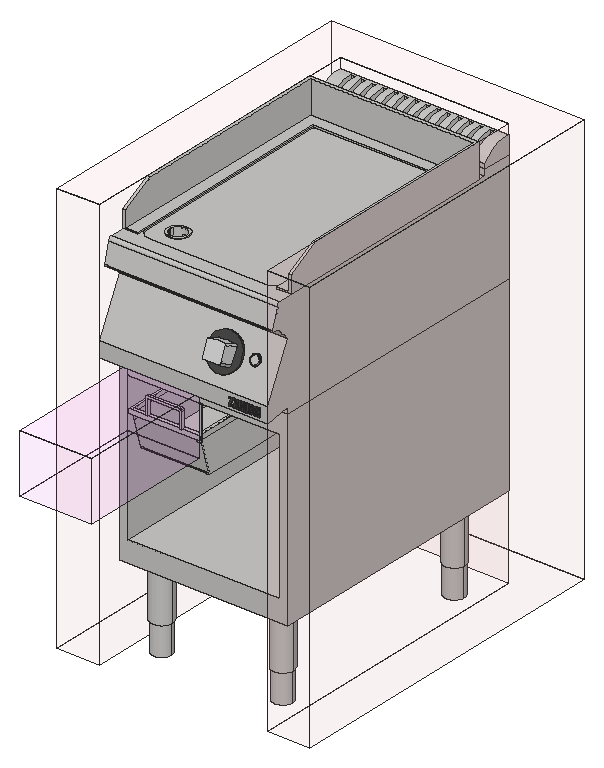
Revit family "QF_ZANUSSI_372339_Z7FTGDSRO0", category Attrezzature speciali, Revit 2020
Family settings
  Quota connettore circolare = Usa diametro
  Tipo di parte = Normale
  Basato su piano di lavoro = No
  Sempre verticale = Sì
  Taglio con vuoti quando caricato = No
  Condiviso = No
  Punto di calcolo locali = No
Parameters (values of type "Standard")
  Weight = 50.00 kg
  Watts = 0 W
  Volts = 0 V
  URL Manufacturer = "http://www.zanussiprofessional.com"
  URL = "http://www.zanussiprofessional.com"
  Steam Supply Size = 0 mm
  Steam Supply Minimum Pressure = 0.0 Pa
  Steam Supply Maximum Pressure = 0.0 Pa
  Steam Consumption per Hour = 0
  Show Logo [instance] = yes
  Show Clearance [instance] = yes
  Refrigeration Suction Line Size = 0 mm
  Refrigeration Liquid Line Size = 0 mm
  Refrigerant Compressor Remote = yes
  Prospetto di default = 0 mm
  Produttore = "Zanussi"
  Phase = 0
  Modello = "Z7FTGDSRO0"
  Length Actual = 400 mm  # constant formula
  Item Number = "372339"
  Hot Water Size = 0 mm
  Height Actual = 850 mm  # constant formula
  HP = "0 HP"
  Gas Size = 12.7 mm
  Gas KW = 7
  Gas Input Pressure = 0.0687482 W
  Direct Waste Size = 0 mm
  Descrizione = "GAS FRY TOP-RIBBED PLATE+OPEN BASE 400MM-BRUSHED CHROME"
  Depth Actual = 700 mm  # constant formula
  Cycle = 0 Hz
  Condensate Return Size = 0 mm
  Compressed Air Volume = 0.0 L/s
  Compressed Air Size = 0 mm
  Compressed Air Pressure = 0.0 Pa
  Cold Water Size = 0 mm
  Accessory = yes
Reference planes
  plane 1 "Back": y = 0
  plane 2: z = 0
  plane 3 "Left": x = 0
  plane 4: z = 849
  plane 5: x = 500
  plane 6: x = -100
  plane 7: y = 100
  plane 8: x = 400
  plane 9: y = -715
  plane 10: y = -91
  plane 11: y = -600
  plane 12: x = 200
Forms (mm)
  Extrusion 1, solid, material "QF_Finishes_Clearance", visible <- "Show Clearance"
    sketch origin (0, 0, 575) x (1, 0, 0) y (0, 1, 0)
      loop
        line (0, -715) -> (0, 0) -> (400, 0) -> (400, -715) -> (500, -715) -> (500, 100) -> (-100, 100) -> (-100, -715) -> (0, -715)
    from -575 to 405
  Extrusion 2, void
    sketch origin (0, -2.381, 900) x (-1, 0, 0) y (0, -1, 0)
      loop
        arc (-60.425, 102.504) -> (-42.464, 109.943) -> (-35.025, 127.904) r 25.4
        line (-35.025, 127.904) -> (-35.025, 617.104)
        arc (-35.025, 617.104) -> (-42.464, 635.064) -> (-60.425, 642.504) r 25.4
        line (-60.425, 642.504) -> (-339.575, 642.504)
        arc (-339.575, 642.504) -> (-357.536, 635.064) -> (-364.975, 617.104) r 25.4
        line (-364.975, 617.104) -> (-364.975, 127.904)
        arc (-364.975, 127.904) -> (-357.536, 109.943) -> (-339.575, 102.504) r 25.4
        line (-339.575, 102.504) -> (-60.425, 102.504)
    from 0 to -3.2
  Sweep 3, solid, material "QF_Finishes_Stainless Steel"
    path origin (0, -2.381, 900) x (-1, 0, 0) y (0, -1, 0)
      loop
        line (-364.975, 642.504) -> (-364.975, 122.619) -> (-35.025, 122.619) -> (-35.025, 642.504)
    profile origin (35.025, -384.942, 900) x (1, 0, 0) y (0, 0, 1)
      loop
        line (-35.025, 0) -> (0, 0) -> (0, 3.175) -> (-28.675, 3.175) -> (-28.675, 80) -> (-35.025, 80) -> (-35.025, 0)
  Extrusion 4, void
    sketch origin (0, -89.975, 900) x (0, 1, 0) y (0, 0, 1)
      loop
        line (-554.91, 40.481) -> (-481.88, 80) -> (-554.91, 80) -> (-554.91, 40.481)
    from 0 to 6.35
  Extrusion 5, void
    sketch origin (400, -644.885, 900) x (0, -1, 0) y (0, 0, 1)
      loop
        line (0, 40.481) -> (0, 80) -> (-73.03, 80) -> (0, 40.481)
    from 0 to 6.35
  Extrusion 6, solid, material "QF_Finishes_Stainless Steel"
    sketch origin (0, 20, 50) x (1, 0, 0) y (0, 1, 0)
      loop
        circle (85.307, -607.968) r 25
      loop
        circle (85.307, -607.968) r 20
    from 831.583 to 846.8
  Extrusion 7, solid, material "QF_Finishes_Stainless Steel"
    sketch origin (0, 0, 626) x (0, 1, 0) y (0, 0, 1)
      loop
        line (0, 24) -> (0, 288) -> (-70, 288) -> (-70, 273) -> (-679.358, 273)
        arc (-679.358, 273) -> (-684.643, 270.811) -> (-686.833, 265.526) r 7.474
        line (-686.833, 265.526) -> (-699.884, 220.011)
        arc (-699.884, 220.011) -> (-699.396, 217.379) -> (-697, 216.184) r 3
        line (-697, 216.184) -> (-686.802, 216.184) -> (-654.982, 184.364) -> (-715, 64.508) -> (-715, 29.508) -> (-658.645, 37.428)
        arc (-658.645, 37.428) -> (-656.101, 36.674) -> (-655, 34.259) r 3.2
        line (-655, 34.259) -> (-655, 24) -> (0, 24)
    from 0 to 400
  Extrusion 8, void
    sketch origin (0, 20, 50) x (1, 0, 0) y (0, 1, 0)
      loop
        circle (85.307, -607.971) r 20
    from 520.027 to 855.813
  Extrusion 9, solid, material "QF_Finishes_Stainless Steel"
    sketch origin (0, 0, 50) x (1, 0, 0) y (0, 1, 0)
      loop
        line (0, 0) -> (0, -655) -> (400, -655) -> (400, 0) -> (0, 0)
    from 149 to 600
  Extrusion 10, void
    sketch origin (418.77, -655, 50) x (1, 0, 0) y (0, 0, -1)
      loop
        line (-398.77, -199) -> (-398.77, -550) -> (-38.77, -550) -> (-38.77, -199) -> (-398.77, -199)
    from 0 to 507.363
  Extrusion 11, solid, material "QF_Finishes_Stainless Steel"
    sketch origin (0, 322, 50) x (1, 0, 0) y (0, 0, 1)
      loop
        line (184.499, 468.626) -> (184.499, 467)
        arc (184.499, 467) -> (185.085, 465.586) -> (186.499, 465) r 2
        line (186.499, 465) -> (192, 465)
        arc (192, 465) -> (194.121, 465.879) -> (195, 468) r 3
        line (195, 468) -> (195, 550) -> (190, 550) -> (190, 468.626) -> (184.499, 468.626)
    from 655 to 977.426
  Extrusion 12, solid, material "QF_Finishes_Door Clearance", visible <- "Show Clearance"
    sketch origin (0, 0, 100) x (1, 0, 0) y (0, 0, 1)
      loop
        line (190, 380) -> (190, 521.126) -> (19.675, 521.126) -> (19.675, 380) -> (190, 380)
    from 655 to 975.19
  Extrusion 13, solid, material "QF_Finishes_Stainless Steel"
    sketch origin (-400, 0, 189) x (1, 0, 0) y (0, 1, 0)
      loop
        circle (748, -506) r 10
    from 0 to 10
Cuts and joins
  Extrusion 2, Extrusion 4, Extrusion 5 cuts Sweep 3
  Extrusion 2 cuts Extrusion 6
  Extrusion 4 cuts Extrusion 1
  Extrusion 2, Extrusion 8 cuts Extrusion 7
  Extrusion 10 cuts Extrusion 9
  Extrusion 10 cuts Extrusion 11
Dimensions and locks
  plane 4 to level = 849 mm
  plane 3 "Left" to plane 8 = 400 mm
  plane 1 "Back" to plane 9 = 715 mm
  plane 6 to plane 3 "Left" = 100 mm
  plane 8 to plane 5 = 100 mm
  plane 1 "Back" to plane 7 = 100 mm
  plane 1 "Back" to plane 10 to plane 11 = 91 mm, 509 mm
  equal spacing: plane 3 "Left", plane 12, plane 8
  aligned and locked: level to plane 2
Automatic sketch dimensions
  Extrusion 1 sketch curve to plane 6 = 0 mm
  plane 1 "Back" to Extrusion 1 sketch curve = 0 mm
  Extrusion 1 sketch curve to plane 3 "Left" = 0 mm
  Extrusion 1 sketch curve to plane 8 = 0 mm
  Extrusion 1 sketch curve to plane 5 = 0 mm
  Extrusion 1 sketch curve to plane 9 = 0 mm  (x2)
  Extrusion 1 sketch curve to plane 7 = 0 mm
  plane 8 to Extrusion 2 sketch curve = 35.025 mm
  Extrusion 2 sketch curve to Extrusion 2 sketch curve = 25.4 mm  (x3)
  Extrusion 2 sketch curve to plane 10 = 13.885 mm
  plane 3 "Left" to Extrusion 2 sketch curve = 60.425 mm  (x2)
  Extrusion 2 sketch curve to plane 11 = 19.485 mm
  plane 8 to Sweep 3 sketch curve = 35.025 mm
  plane 3 "Left" to Sweep 3 sketch curve = 35.025 mm
  Sweep 3 sketch curve to plane 10 = 34 mm
  Sweep 3 sketch curve to plane 11 = 44.885 mm  (x2)
  Sweep 3 sketch curve to profile plane = 0 mm
  profile plane to Sweep 3 sketch curve = 0 mm
  profile plane to Sweep 3 sketch curve = 28.675 mm
  Sweep 3 sketch curve to Sweep 3 sketch curve = 6.35 mm
  profile plane to Sweep 3 sketch curve = 3.175 mm
  Sweep 3 sketch curve to Sweep 3 sketch curve = 76.825 mm
  Extrusion 4 sketch curve to Sweep 3 = 0 mm  (x2)
  Extrusion 4 sketch curve to Extrusion 4 sketch curve = 73.03 mm
  Extrusion 4 sketch curve to Extrusion 4 sketch curve = 39.519 mm
  Sweep 3 to Extrusion 5 sketch curve = 0 mm
  Extrusion 5 sketch curve to Sweep 3 = 0 mm
  Extrusion 5 sketch curve to Extrusion 5 sketch curve = 73.03 mm
  Extrusion 5 sketch curve to Extrusion 5 sketch curve = 39.519 mm
  Extrusion 6 sketch curve to Extrusion 6 sketch curve = 0 mm  (x2)
  plane 11 to Extrusion 6 sketch curve = 12.032 mm
  plane 3 "Left" to Extrusion 6 sketch curve = 85.307 mm
  Extrusion 7 sketch curve to plane 9 = 0 mm
  Extrusion 7 sketch curve to plane 1 "Back" = 0 mm
  plane 4 to Extrusion 7 sketch curve = 2.989 mm
  plane 9 to Extrusion 7 sketch curve = 15.116 mm
  Extrusion 7 sketch curve to Extrusion 7 sketch curve = 2.884 mm
  plane 9 to Extrusion 7 sketch curve = 28.167 mm
  plane 4 to Extrusion 7 sketch curve = 6.816 mm
  Extrusion 7 sketch curve to Extrusion 7 sketch curve = 10.198 mm
  Extrusion 7 sketch curve to Extrusion 7 sketch curve = 7.474 mm
  plane 9 to Extrusion 7 sketch curve = 56.355 mm
  Extrusion 7 sketch curve to Extrusion 7 sketch curve = 0.445 mm
  Extrusion 7 sketch curve to Extrusion 7 sketch curve = 3.2 mm
  Extrusion 7 sketch curve to Extrusion 7 sketch curve = 31.82 mm
  plane 10 to Extrusion 7 sketch curve = 21 mm
  plane 4 to Extrusion 7 sketch curve = 38.636 mm
  Extrusion 7 sketch curve to Extrusion 7 sketch curve = 119.856 mm
  Extrusion 7 sketch curve to Extrusion 7 sketch curve = 27.08 mm
  Extrusion 7 sketch curve to Extrusion 7 sketch curve = 35 mm
  Extrusion 7 sketch curve to Extrusion 7 sketch curve = 10.259 mm
  Extrusion 7 sketch curve to plane 4 = 42.526 mm
  Extrusion 7 sketch curve to plane 4 = 65 mm
  plane 11 to Extrusion 8 sketch curve = 12.029 mm
  plane 3 "Left" to Extrusion 8 sketch curve = 85.307 mm
  Extrusion 9 sketch curve to plane 3 "Left" = 0 mm
  Extrusion 9 sketch curve to plane 8 = 0 mm
  plane 1 "Back" to Extrusion 9 sketch curve = 0 mm
  Extrusion 9 sketch curve to plane 11 = 55 mm
  Extrusion 10 sketch curve to Extrusion 9 = 20 mm
  Extrusion 9 to Extrusion 10 sketch curve = 20 mm
  Extrusion 10 sketch curve to Extrusion 9 = 50 mm  (x2)
  Extrusion 11 sketch curve to plane 12 = 15.501 mm
  Extrusion 11 sketch curve to Extrusion 11 sketch curve = 2 mm  (x2)
  Extrusion 11 sketch curve to Extrusion 11 sketch curve = 3.501 mm
  Extrusion 11 sketch curve to plane 12 = 5 mm
  plane 4 to Extrusion 11 sketch curve = 334 mm
  Extrusion 11 sketch curve to Extrusion 11 sketch curve = 1.626 mm
  Extrusion 11 sketch curve to Extrusion 11 sketch curve = 81.374 mm
  plane 3 "Left" to Extrusion 12 sketch curve = 19.675 mm
  Extrusion 12 sketch curve to plane 12 = 10 mm
  plane 4 to Extrusion 12 sketch curve = 369 mm
  Extrusion 12 sketch curve to Extrusion 12 sketch curve = 141.126 mm
  plane 8 to Extrusion 13 sketch curve = 52 mm
  plane 11 to Extrusion 13 sketch curve = 94 mm
  radius of Extrusion 6 sketch curve = 25 mm
  radius of Extrusion 6 sketch curve = 20 mm
  radius of Extrusion 8 sketch curve = 20 mm
  radius of Extrusion 13 sketch curve = 10 mm
Nested families
  nested 1: "Uscita_Fumi" at (200, -34.925, 914), type "Uscita_Fumi"
  nested 2: "CONTROLLER_XP-ZAN" at (325.75, -684.624, 751.168) x (1, 0, 0) z (0, -0.8942, 0.4478), type "CONTROLLER_XP-ZAN"
  nested 3: "Bottone" at (345, -681.68, 757.047) x (1, 0, 0) z (0, -0.8942, 0.4478), type "Bottone"
  nested 4: "ZANUSSI_Logo" at (349.92, -715, 721.184) x (1, 0, 0) z (0, -1, 0), Show Logo <- "Show Logo", visible <- "Show Logo", type "ZANUSSI_Logo"
    with Show Logo yes
  nested 5: "CESTELLO_SCOLO" at (19.675, -494, 430), type "CESTELLO_SCOLO"
  nested 6: "Piedino 50xH200_par" at (56, -600, 0), type "Piedino 50xH200_par"
    with H 200 mm
  nested 7: "Piedino 50xH200_par" at (56, -90.938, 0), type "Piedino 50xH200_par"
    with H 200 mm
  nested 8: "Piedino 50xH200_par" at (343.824, -91.108, 0), type "Piedino 50xH200_par"
    with H 200 mm
  nested 9: "Piedino 50xH200_par" at (343.824, -600.001, 0), type "Piedino 50xH200_par"
    with H 200 mm
Connectors
  piping at (348, -506, 189), diameter 12.7, driven by "Gas Size"
    settings: on Extrusion 13, index 7, connector inside diameter 609.6 mm, connector length 0 mm, flow factor 0, pipe flow 0.0 L/s, pressure drop 0.0 Pa, fitting loss kfactor 0, connector angle 0.00°, fixture units 0, engagement length 0 mm, angle of deflection 0.00°, flow configuration 0, flow direction 0, fitting loss method 0, system type 29, joint type 0, gender type 0, connector reference index -1, connector utility 0, adjustable connector no, is connector primary yes, connector description "Gas Connection"
Definition of nested family "Uscita_Fumi"
  Parameters (values of type "Uscita_Fumi")
    Default Elevation = 1219.2 mm
  Reference planes
    plane 1 "Centro (Fronte/Retro)": y = 0
    plane 2: z = 0
    plane 3 "Centro (Sinistra/Destra)": x = 0
  Forms (mm)
    Extrusion 1, solid
      sketch origin (0, 0, 0) x (1, 0, 0) y (0, 1, 0)
        loop
          line (-1219.2, 1219.2) -> (-1219.2, -1219.2) -> (1219.2, -1219.2) -> (1219.2, 1219.2) -> (-1219.2, 1219.2)
      from 0 to -304.8
    Extrusion 2, solid
      sketch origin (-200, 34.925, -289.638) x (0, 1, 0) y (0, 0, 1)
        loop
          line (0, 289.638) -> (0, 331.738)
          arc (0, 331.738) -> (-38.857, 324.552) -> (-69.85, 300.038) r 82.056
          line (-69.85, 300.038) -> (-69.85, 289.638) -> (0, 289.638)
      from 0 to 400
    Extrusion 3, void
      sketch origin (-200, 34.925, -15) x (0, -1, 0) y (1, 0, 0)
        loop
          line (6.761, 29.703) -> (63.911, 29.703) -> (63.911, 38.999) -> (6.761, 38.999) -> (6.761, 29.703)
        loop
          line (63.911, 64.487) -> (6.761, 64.487) -> (6.761, 55.191) -> (63.911, 55.191) -> (63.911, 64.487)
        loop
          line (63.911, 89.975) -> (6.761, 89.975) -> (6.761, 80.68) -> (63.911, 80.68) -> (63.911, 89.975)
        loop
          line (63.911, 115.464) -> (6.761, 115.464) -> (6.761, 106.168) -> (63.911, 106.168) -> (63.911, 115.464)
        loop
          line (63.911, 140.952) -> (6.761, 140.952) -> (6.761, 131.656) -> (63.911, 131.656) -> (63.911, 140.952)
        loop
          line (63.911, 166.44) -> (6.761, 166.44) -> (6.761, 157.145) -> (63.911, 157.145) -> (63.911, 166.44)
        loop
          line (63.911, 191.929) -> (6.761, 191.929) -> (6.761, 182.633) -> (63.911, 182.633) -> (63.911, 191.929)
        loop
          line (63.911, 217.417) -> (6.761, 217.417) -> (6.761, 208.121) -> (63.911, 208.121) -> (63.911, 217.417)
        loop
          line (63.911, 242.905) -> (6.761, 242.905) -> (6.761, 233.61) -> (63.911, 233.61) -> (63.911, 242.905)
        loop
          line (63.911, 268.394) -> (6.761, 268.394) -> (6.761, 259.098) -> (63.911, 259.098) -> (63.911, 268.394)
        loop
          line (63.911, 293.882) -> (6.761, 293.882) -> (6.761, 284.586) -> (63.911, 284.586) -> (63.911, 293.882)
        loop
          line (63.911, 319.37) -> (6.761, 319.37) -> (6.761, 310.075) -> (63.911, 310.075) -> (63.911, 319.37)
        loop
          line (63.911, 344.859) -> (6.761, 344.859) -> (6.761, 335.563) -> (63.911, 335.563) -> (63.911, 344.859)
        loop
          line (63.911, 370.347) -> (6.761, 370.347) -> (6.761, 361.051) -> (63.911, 361.051) -> (63.911, 370.347)
      from 25.4 to 63.5
  Cuts and joins
    Extrusion 3 cuts Extrusion 2
  Dimensions and locks
    aligned and locked: plane 2 to Extrusion 1
    aligned and locked: level to Extrusion 1
Definition of nested family "CONTROLLER_XP-ZAN"
  Parameters (values of type "CONTROLLER_XP-ZAN")
    Default Elevation = 0 mm
  Reference planes
    plane 1 "Centro (Fronte/Retro)": y = 0
    plane 2: z = 0
    plane 3 "Centro (Sinistra/Destra)": x = 0
    plane 4: x = -51.067
    plane 5: x = 51.067
    plane 6: x = 93.481
    plane 7: x = -93.481
  Forms (mm)
    Extrusion 1, solid
      sketch origin (0, 0, 0) x (1, 0, 0) y (0, 1, 0)
        loop
          line (-1219.2, 1219.2) -> (-1219.2, -1219.2) -> (1219.2, -1219.2) -> (1219.2, 1219.2) -> (-1219.2, 1219.2)
      from 0 to -304.8
    Extrusion 2, solid
      sketch origin (-46.381, -48.923, 0) x (1, 0, 0) y (0, 1, 0)
        loop
          circle (-4.687, 48.923) r 42.414
      from 0 to 3.175
    Blend 3, solid
      base sketch origin (-46.381, -48.923, 3.175) x (1, 0, 0) y (0, 1, 0)
        loop
          line (-23.687, 25.923) -> (14.313, 25.923)
          arc (14.313, 25.923) -> (17.142, 27.095) -> (18.313, 29.923) r 4
          line (18.313, 29.923) -> (18.313, 66.519)
          arc (18.313, 66.519) -> (17.342, 69.132) -> (14.901, 70.476) r 4
          arc (14.901, 70.476) -> (-4.687, 71.923) -> (-24.275, 70.476) r 133.25
          arc (-24.275, 70.476) -> (-26.716, 69.132) -> (-27.687, 66.519) r 4
          line (-27.687, 66.519) -> (-27.687, 29.923)
          arc (-27.687, 29.923) -> (-26.515, 27.095) -> (-23.687, 25.923) r 4
      top sketch origin (-46.381, -48.923, 3.175) x (1, 0, 0) y (0, 1, 0)
        loop
          line (-25.687, 66.519) -> (-25.687, 29.923)
          arc (-25.687, 29.923) -> (-25.101, 28.509) -> (-23.687, 27.923) r 2
          line (-23.687, 27.923) -> (14.313, 27.923)
          arc (14.313, 27.923) -> (15.727, 28.509) -> (16.313, 29.923) r 2
          line (16.313, 29.923) -> (16.313, 66.519)
          arc (16.313, 66.519) -> (15.828, 67.825) -> (14.607, 68.498) r 2
          arc (14.607, 68.498) -> (-4.687, 69.923) -> (-23.981, 68.498) r 131.25
          arc (-23.981, 68.498) -> (-25.201, 67.825) -> (-25.687, 66.519) r 2
      from 0 to 33
  Lines and regions (mm)
    Split face 1
      outline origin (-46.381, -48.923, 36.175) x (1, 0, 0) y (0, 1, 0)
        loop
          line (-6.687, 69.908) -> (-6.687, 62.923) -> (-2.687, 62.923) -> (-2.687, 69.908)
  Dimensions and locks
    aligned and locked: plane 2 to Extrusion 1
    aligned and locked: level to Extrusion 1
Definition of nested family "Bottone"
  Parameters (values of type "Bottone")
    Default Elevation = 1219.2 mm
  Reference planes
    plane 1 "Centro (Fronte/Retro)": y = 0
    plane 2: z = 0
    plane 3 "Centro (Sinistra/Destra)": x = 0
  Forms (mm)
    Extrusion 1, solid
      sketch origin (0, 0, 0) x (1, 0, 0) y (0, 1, 0)
        loop
          line (-1219.2, 1219.2) -> (-1219.2, -1219.2) -> (1219.2, -1219.2) -> (1219.2, 1219.2) -> (-1219.2, 1219.2)
      from 0 to -304.8
    Extrusion 2, solid
      sketch origin (0, 0, 0) x (1, 0, 0) y (0, 1, 0)
        loop
          circle (0, 0) r 12
        loop
          circle (0, 0) r 10
      from 0 to 2
    Extrusion 3, solid
      sketch origin (0, 0, 0) x (1, 0, 0) y (0, 1, 0)
        loop
          circle (0, 0) r 9.75
      from 0 to 3
  Dimensions and locks
    aligned and locked: plane 2 to Extrusion 1
    aligned and locked: level to Extrusion 1
Definition of nested family "ZANUSSI_Logo"
  Parameters (values of type "ZANUSSI_Logo")
    Show Logo [instance] = yes
    Default Elevation = 1219.2 mm
  Reference planes
    plane 1 "Center (Front/Back)": y = -49
    plane 2: z = 0
    plane 3 "Center (Left/Right)": x = -9.92
  Forms (mm)
    Extrusion 1, solid
      sketch origin (0, 0, 0) x (1, 0, 0) y (0, 1, 0)
        loop
          line (-1219.2, 1219.2) -> (-1219.2, -1219.2) -> (1219.2, -1219.2) -> (1219.2, 1219.2) -> (-1219.2, 1219.2)
      from 0 to -304.8
    Extrusion 2, solid, visible <- "Show Logo"
      sketch origin (106.353, -215.165, -50) x (1, 0, 0) y (0, 1, 0)
        loop
          line (-137.419, 156.48) -> (-137.419, 160.444) -> (-143.365, 160.444) -> (-137.419, 172.566) -> (-137.419, 175.851) -> (-147.274, 175.851) -> (-147.274, 172.226) -> (-142.063, 172.339) -> (-147.728, 160.444) -> (-147.728, 156.48) -> (-137.419, 156.48)
        loop
          line (-131.729, 163.73) -> (-129.463, 163.73) -> (-130.596, 172.54) -> (-131.729, 163.73)
        loop
          line (-132.748, 156.48) -> (-132.182, 160.218) -> (-128.897, 160.218) -> (-128.33, 156.48) -> (-124.252, 156.48) -> (-127.877, 175.851) -> (-133.315, 175.851) -> (-136.826, 156.48) -> (-132.748, 156.48)
        loop
          line (-123.75, 175.851) -> (-123.75, 156.48) -> (-120.238, 156.48) -> (-120.238, 169.281) -> (-116.953, 156.48) -> (-112.648, 156.48) -> (-112.648, 175.851) -> (-116.273, 175.851) -> (-116.273, 163.503) -> (-119.558, 175.851) -> (-123.75, 175.851)
        loop
          arc (-111.742, 161.27) -> (-106.896, 156.448) -> (-101.433, 160.558) r 5.22
          line (-101.433, 160.558) -> (-101.433, 175.851) -> (-105.398, 175.851) -> (-105.398, 161.464)
          arc (-105.398, 161.464) -> (-106.44, 160.263) -> (-107.777, 161.124) r 1.214
          line (-107.777, 161.124) -> (-107.777, 175.851) -> (-111.742, 175.851) -> (-111.742, 161.27)
        loop
          line (-94.069, 169.734) -> (-90.331, 169.734) -> (-90.269, 171.495)
          arc (-90.269, 171.495) -> (-90.53, 173.458) -> (-91.761, 175.009) r 3.719
          arc (-91.761, 175.009) -> (-95.38, 176.189) -> (-98.998, 175.009) r 6.139
          arc (-98.998, 175.009) -> (-100.474, 172.145) -> (-100.291, 168.927) r 6.125
          arc (-100.291, 168.927) -> (-99.079, 167.149) -> (-97.591, 165.594) r 13.068
          line (-97.591, 165.594) -> (-95.921, 164.113)
          arc (-95.921, 164.113) -> (-94.934, 163.275) -> (-94.167, 162.233) r 5.571
          arc (-94.167, 162.233) -> (-94.357, 160.41) -> (-96.143, 160.003) r 1.573
          arc (-96.143, 160.003) -> (-96.681, 160.547) -> (-96.911, 161.277) r 1.631
          arc (-96.911, 161.277) -> (-96.929, 161.791) -> (-96.911, 162.305) r 7.441
          arc (-96.911, 162.305) -> (-96.895, 162.791) -> (-96.911, 163.277) r 7.03
          line (-96.911, 163.277) -> (-100.866, 163.277)
          arc (-100.866, 163.277) -> (-100.828, 160.504) -> (-99.735, 157.955) r 7.131
          arc (-99.735, 157.955) -> (-94.571, 156.484) -> (-90.221, 159.633) r 6.148
          arc (-90.221, 159.633) -> (-90.141, 162.884) -> (-91.536, 165.823) r 7.021
          line (-91.536, 165.823) -> (-95.882, 169.734)
          arc (-95.882, 169.734) -> (-96.47, 170.472) -> (-96.785, 171.362) r 2.858
          arc (-96.785, 171.362) -> (-95.666, 172.959) -> (-94.069, 171.84) r 1.379
          line (-94.069, 171.84) -> (-94.069, 169.734)
        loop
          line (-82.771, 169.734) -> (-79.033, 169.734) -> (-78.971, 171.495)
          arc (-78.971, 171.495) -> (-79.232, 173.458) -> (-80.463, 175.009) r 3.719
          arc (-80.463, 175.009) -> (-84.081, 176.189) -> (-87.7, 175.009) r 6.139
          arc (-87.7, 175.009) -> (-89.175, 172.145) -> (-88.993, 168.927) r 6.125
          arc (-88.993, 168.927) -> (-87.781, 167.149) -> (-86.293, 165.594) r 13.068
          line (-86.293, 165.594) -> (-84.623, 164.113)
          arc (-84.623, 164.113) -> (-83.636, 163.275) -> (-82.869, 162.233) r 5.571
          arc (-82.869, 162.233) -> (-83.059, 160.41) -> (-84.845, 160.003) r 1.573
          arc (-84.845, 160.003) -> (-85.383, 160.547) -> (-85.613, 161.277) r 1.631
          arc (-85.613, 161.277) -> (-85.631, 161.791) -> (-85.613, 162.305) r 7.441
          arc (-85.613, 162.305) -> (-85.596, 162.791) -> (-85.613, 163.277) r 7.03
          line (-85.613, 163.277) -> (-89.568, 163.277)
          arc (-89.568, 163.277) -> (-89.53, 160.504) -> (-88.437, 157.955) r 7.131
          arc (-88.437, 157.955) -> (-83.272, 156.484) -> (-78.922, 159.633) r 6.148
          arc (-78.922, 159.633) -> (-78.843, 162.884) -> (-80.238, 165.823) r 7.021
          line (-80.238, 165.823) -> (-84.584, 169.734)
          arc (-84.584, 169.734) -> (-85.171, 170.472) -> (-85.486, 171.362) r 2.858
          arc (-85.486, 171.362) -> (-84.368, 172.959) -> (-82.771, 171.84) r 1.379
          line (-82.771, 171.84) -> (-82.771, 169.734)
        loop
          line (-78.21, 175.851) -> (-78.21, 156.48) -> (-74.245, 156.48) -> (-74.245, 175.851) -> (-78.21, 175.851)
      from 50 to 51.6
  Dimensions and locks
    aligned and locked: plane 2 to Extrusion 1
    aligned and locked: level to Extrusion 1
Definition of nested family "CESTELLO_SCOLO"
  Parameters (values of type "CESTELLO_SCOLO")
    Default Elevation = 0 mm
  Reference planes
    plane 1 "Centro (Fronte/Retro)": y = 0
    plane 2: z = 0
    plane 3 "Centro (Sinistra/Destra)": x = 0
  Forms (mm)
    Extrusion 1, solid
      sketch origin (0, -5, 0) x (0, 1, 0) y (0, 0, 1)
        loop
          line (0, 0) -> (128.732, 0)
          arc (128.732, 0) -> (131.741, 1.007) -> (133.539, 3.622) r 5
          line (133.539, 3.622) -> (160.064, 96.126) -> (0, 96.126) -> (-149.181, 96.126) -> (-122.656, 3.622)
          arc (-122.656, 3.622) -> (-120.859, 1.007) -> (-117.85, 0) r 5
          line (-117.85, 0) -> (0, 0)
      from 4.958 to 164.824
    Extrusion 2, solid
      sketch origin (7.5, -1.064, 2.5) x (0, 1, 0) y (0, 0, 1)
        loop
          line (162.49, 96.126) -> (-159.936, 96.126) -> (-159.936, 86.126) -> (162.49, 86.126) -> (162.49, 96.126)
      from -7.175 to 162.825
    Extrusion 3, solid
      sketch origin (-14.987, 0, 0) x (1, 0, 0) y (0, 0, 1)
        loop
          line (56.875, 98.626) -> (61.875, 98.626) -> (61.875, 133.126)
          arc (61.875, 133.126) -> (62.754, 135.247) -> (64.875, 136.126) r 3
          line (64.875, 136.126) -> (135.75, 136.126)
          arc (135.75, 136.126) -> (137.871, 135.247) -> (138.75, 133.126) r 3
          line (138.75, 133.126) -> (138.75, 98.626) -> (143.75, 98.626) -> (143.75, 136.126)
          arc (143.75, 136.126) -> (142.286, 139.662) -> (138.75, 141.126) r 5
          line (138.75, 141.126) -> (61.875, 141.126)
          arc (61.875, 141.126) -> (58.339, 139.662) -> (56.875, 136.126) r 5
          line (56.875, 136.126) -> (56.875, 98.626)
      from 154.898 to 161
    Extrusion 4, solid
      sketch origin (-14.987, 0, 0) x (1, 0, 0) y (0, 0, -1)
        loop
          line (56.875, -98.626) -> (56.875, -136.126)
          arc (56.875, -136.126) -> (58.339, -139.662) -> (61.875, -141.126) r 5
          line (61.875, -141.126) -> (138.75, -141.126)
          arc (138.75, -141.126) -> (142.286, -139.662) -> (143.75, -136.126) r 5
          line (143.75, -136.126) -> (143.75, -98.626) -> (138.75, -98.626) -> (138.75, -133.126)
          arc (138.75, -133.126) -> (137.871, -135.247) -> (135.75, -136.126) r 3
          line (135.75, -136.126) -> (64.875, -136.126)
          arc (64.875, -136.126) -> (62.754, -135.247) -> (61.875, -133.126) r 3
          line (61.875, -133.126) -> (61.875, -98.626) -> (56.875, -98.626)
      from 154.898 to 161
    Extrusion 5, void
      sketch origin (6.25, 0, 0) x (0, 1, 0) y (0, 0, 1)
        loop
          line (152.09, 101.912) -> (-152.186, 101.912) -> (-152.186, 92.301) -> (-123.108, 7.853) -> (126.892, 7.853) -> (152.09, 95.731) -> (152.09, 101.912)
      from 0.704 to 156.557
  Cuts and joins
    Extrusion 5 cuts Extrusion 2
    Extrusion 5 cuts Extrusion 1
  Dimensions and locks
    Extrusion 1 sketch curve to Extrusion 1 sketch curve = 309.245 mm
    Extrusion 2 to Extrusion 2 = 170 mm
    aligned and locked: level to plane 2
Definition of nested family "Piedino 50xH200_par"
  Parameters (values of type "Piedino 50xH200_par")
    Default Elevation = 0 mm
    H [instance] = 200 mm
  Reference planes
    plane 1 "Centro (Fronte/Retro)": y = 0
    plane 2: z = 0
    plane 3 "Centro (Sinistra/Destra)": x = 0
  Forms (mm)
    Revolve 1, solid
      sketch origin (55, 0, 0) x (-1, 0, 0) y (0, 0, -1)
        loop
          line (55, 0) -> (32.1, 0) -> (32.1, -69.05) -> (29.6, -69.05) -> (29.6, -200) -> (55, -200) -> (55, 0)
        axis (55, 0) -> (55, -200)
      angle from 0 to 360
  Dimensions and locks
    "H": Revolve 1 to plane 2
    aligned and locked: level to plane 2
  Automatic sketch dimensions
    Revolve 1 sketch curve to level = 0 mm
    Revolve 1 sketch curve to plane 3 "Centro (Sinistra/Destra)" = 0 mm  (x2)
    plane 3 "Centro (Sinistra/Destra)" to Revolve 1 sketch curve = 22.9 mm
    Revolve 1 sketch curve to Revolve 1 sketch curve = 2.5 mm
    level to Revolve 1 sketch curve = 69.05 mm
    Revolve 1 sketch curve to Revolve 1 sketch curve = 130.95 mm
    Revolve 1 sketch curve to Revolve 1 sketch curve = 0 mm
    Revolve 1 sketch curve to Revolve 1 sketch curve = 20 mm
